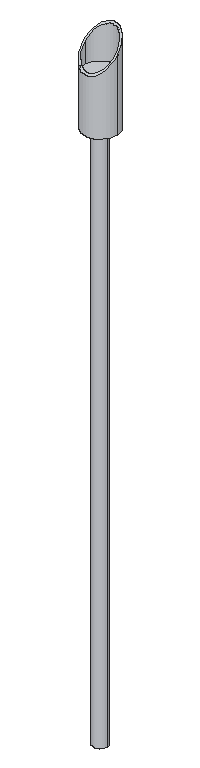
Revit family "Kew", category Lighting Fixtures, Revit 2015
Parameters (values of type "Kew/1W/350mA/927/Olive Green")
  Weight = 480  # constant formula
  built-in parameter 1150103 = 1 W
  Wattage = 1 W  # constant formula
  WarrantyStartDate [instance] = "www.johncullenlighting.co.uk/terms_and_conditions/"  # constant formula
  WarrantyGuarantorParts = "www.johncullenlighting.co.uk/terms_and_conditions/"  # constant formula
  WarrantyGuarantorLabor = "www.johncullenlighting.co.uk/terms_and_conditions/"  # constant formula
  WarrantyDurationUnit = "www.johncullenlighting.co.uk/terms_and_conditions/"  # constant formula
  WarrantyDurationParts = "www.johncullenlighting.co.uk/terms_and_conditions/"  # constant formula
  WarrantyDurationLabor = "www.johncullenlighting.co.uk/terms_and_conditions/"  # constant formula
  WarrantyDescription = "Refer to John Cullen Lighting Ltd - Terms and Conditions document"  # constant formula
  built-in parameter 1150110 = 1 (stored number, unit not read)
  Version = "1"
  Uniclass2 = "Pr_70_70_48_35 Ground mounted luminaires"  # constant formula
  URL = "http://www.johncullenlighting.co.uk/products/featured-lighting-products/kew-exterior-led-spotlight/?product_search=kew"
  Type Comments = "Copyright © John Cullen 2017. John Cullen reserve the right to change the design and specification of our product range without prior notice. E&OE"  # constant formula
  built-in parameter 1114217 = 1 (stored number, unit not read)
  Tilt Angle = 0.00°
  built-in parameter 1150109 = 1 (stored number, unit not read)
  built-in parameter 1150134 = (empty or 0)
  TagNumber [instance] = "n/a"
  SustainabilityPerformance = "n/a"
  built-in parameter 1150113 = 1 (stored number, unit not read)
  SupplyCircuitConductorConnections = "n/a"
  Size = "110xD31x500"  # constant formula
  Shape = "n/a"
  SerialNumber [instance] = "n/a"
  Revision = "n/a"
  ReplacementCost = "n/a"
  ProductInformation = "http://www.johncullenlighting.co.uk/products/featured-lighting-products/kew-exterior-led-spotlight/?product_search=kew"
  PhotometricPerformance = "n/a"
  Photometric Web File = "Kew-350.IES"
  NominalWidth = 31 mm  # constant formula
  NominalLength = 62 mm  # constant formula
  NominalHeight = 500 mm  # constant formula
  Name = "Kew"  # constant formula
  NBSTypeID = "n/a"
  NBSReference = "n/a"
  NBSOfficeMasterTag = "n/a"
  NBSNote = "n/a"
  NBSDescription = "General purpose luminaires are described by characteristics such as standards, photometric performance and supply circuit conductor connections.\r\nAn example use may be within a hard wired general lighting system."  # constant formula
  NBSCertification = "n/a"
  ModelReference = "n/a"
  ModelNumber = "GLKW27251"
  Model = "Kew"  # constant formula
  MaxAmbientTemperature = 50.00°
  Material = "Aluminium"
  ManufacturerURL = "www.johncullenlighting.co.uk"
  ManufacturerName = "John Cullen Lighting Ltd"  # constant formula
  Manufacturer = "John Cullen Lighting Ltd"  # constant formula
  built-in parameter 1150105 = 945.39 (stored number, unit not read)
  Lumens = 63 lm
  LuminaireType = "n/a"
  LuminairePowerFactor = "n/a"
  LuminaireLumens = "63 lm"  # constant formula
  built-in parameter 1150115 = 1 (stored number, unit not read)
  built-in parameter 1150137 = (empty or 0)
  built-in parameter 1150139 = (empty or 0)
  LampType = "LED"  # constant formula
  LampRating = "n/a"
  LampLumens = "84 lm"  # constant formula
  LampColourTemperature = "2700K"  # constant formula
  LampColourRendering = "≥90 Ra"  # constant formula
  built-in parameter 1150112 = 1 (stored number, unit not read)
  built-in parameter 1150114 = 1 (stored number, unit not read)
  Keynote = "Technical data figures are for guidance only and are subject to ±5% tolerance"  # constant formula
  InternalFuse = "n/a"
  InsulationStandardClass = "Class III"  # constant formula
  InstallationDate [instance] = "Confirm via installer"  # constant formula
  built-in parameter 1150132 = (empty or 0)
  built-in parameter 1150102 = (empty or 0)
  built-in parameter 1150107 = 2700 (stored number, unit not read)
  built-in parameter 1150138 = (empty or 0)
  IngressProtection = "IP67"  # constant formula
  built-in parameter 1150106 = 9.4539 (stored number, unit not read)
  IfcExportType = ""
  IfcExportAs = ""
  Grade = "n/a"
  ForwardVoltage = "2.8V DC"  # constant formula
  Finish = "Olive Green"
  Features = "n/a"
  ExpectedLife = "Lifetime L70/B10 >50,000 hrs"  # constant formula
  built-in parameter 1150104 = 5.8529 (stored number, unit not read)
  Efficacy = "63 lm/W"  # constant formula
  DurationUnit = "year"
  Dimming Lamp Color Temperature Shift = <None>
  Description = "Miniature directional spotlight with ground spike"  # constant formula
  CurrentRating = "350mA"  # constant formula
  Constituents = "n/a"
  Color Filter = 16777215
  Color = "Olive Green"
  CodePerformance = "GLKW27251"
  Category = "n/a"
  CableType = "2 Core Silicon"  # constant formula
  CableSize = "6mm OD - 2 off 24/0.2 Tinned Copper Wire"  # constant formula
  CableLength = 5000 mm  # constant formula
  Beam Width = "Narrow"  # constant formula
  BarCode [instance] = "n/a"
  BallastCELMAEnergyEfficiencyIndex = "See driver specification"  # constant formula
  built-in parameter 1114218 = 1 (stored number, unit not read)
  BIMObjectName = "Kew"  # constant formula
  Author = "John Cullen Lighting Ltd"  # constant formula
  built-in parameter 1150133 = 10 (stored number, unit not read)
  AssetType = "n/a"
  AssetIdentifier [instance] = "n/a"
  Assembly Code = "n/a"
  AccessibilityPerformance = "n/a"
Reference planes
  plane 1 "Center (Front/Back)": y = 0
  plane 2: z = 0
  plane 3 "Center (Left/Right)": x = 0
Forms (mm)
  Extrusion 1, solid
    sketch origin (0, -9.5, 0) x (1, 0, 0) y (0, 1, 0)
      loop
        circle (0, 9.5) r 6.4
    from 0 to 500
  Extrusion 2, solid
    sketch origin (0, 0, 500) x (1, 0, 0) y (0, 1, 0)
      loop
        circle (0, 0) r 15.5
    from 0 to 80
  Extrusion 3, void
    sketch origin (0, 0, 500) x (1, 0, 0) y (0, 1, 0)
      loop
        circle (0, 0) r 14
    from 47 to 80
  Extrusion 4, void
    sketch origin (0, 0, 500) x (0, -1, 0) y (0, 0, 1)
      loop
        line (-15.5, 80) -> (15.5, 49) -> (15.5, 80) -> (-15.5, 80)
    from 15.5 to -15.5
Cuts and joins
  Extrusion 3, Extrusion 4 cuts Extrusion 2
Dimensions and locks
  aligned and locked: level to plane 2
